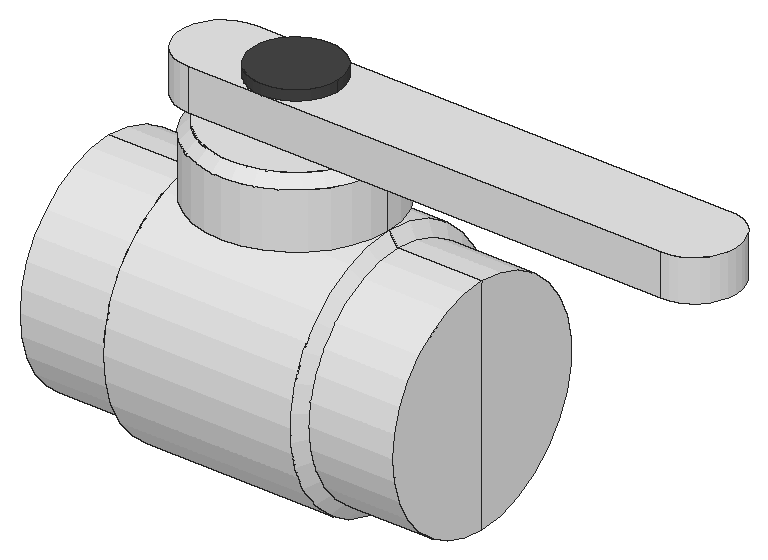
Revit family "BIMLIB_Кран_шаровой_полнопроходной_РОСТерм", category Арматура трубопроводов, Revit 2017
Family settings
  Размер круглого соединителя = Использовать диаметр
  Тип детали = Клапан - Вставляется
  На основе рабочей плоскости = Нет
  Всегда вертикально = Да
  При загрузке вырезать с полостями = Нет
  Общий = Нет
Parameters
  РТ_Материал_Гайка = BIMLIB_Черный_РОСТерм
  РТ_R [instance] = РТ_DN / 2  # 20 mm
  Описание = "Кран шаровой полнопроходной"
  Метод определения потерь = Коэффициент K
  K Coefficient = 0.2
  Изготовитель = "РОСТерм"  # constant formula
  РТ_Длина ручки [instance] = РТ_L * 1.4  # 126.7 mm
  РТ_Высота ручки [instance] = РТ_L1 - РТ_L2 * 2  # 28.5 mm
  URL = "http://rostherm.ru/"
  РТ_Lосн [instance] = РТ_L / 2  # 45.25 mm
  РТ_L2 [instance] = size_lookup("обозначение", "РТ_L2", 0 mm, РТ_DN)  # 30 mm
  РТ_L1 [instance] = size_lookup("обозначение", "РТ_L1", 0 mm, РТ_DN)  # 88.5 mm
  РТ_L [instance] = size_lookup("обозначение", "РТ_L", 0 mm, РТ_DN)  # 90.5 mm
  РТ_Dнар [instance] = if(and(РТ_DN > 19 mm, РТ_DN < 64 mm), РТ_DN * 1.35, 0 mm)  # 54 mm
  РТ_DN [instance] = 40 mm
  BL_Разработано = "support@bimlib.ru"  # constant formula
  BL_Email = "rostherm@bimlib.ru"
  BL_BIM library = "https://bimlib.pro/manufacturer/rosterm/1632/"
  ADSK_Расход жидкости [instance] = 0.0 m³/h
  ADSK_Примечание = ""
  ADSK_Позиция = ""
  ADSK_Обозначение [instance] = "ГОСТ 21345-2005"  # constant formula
  ADSK_Наименование краткое [instance] = size_lookup("Крнаим", "", "-", РТ_DN)  # "Кран шаровой d40"
  ADSK_Наименование [instance] = size_lookup("обозначение", "", "-", РТ_DN)  # "Кран шаровой полнопроходной d40"
  ADSK_Материал = BIMLIB_Белый_РОСТерм
  ADSK_Масса_Текст [instance] = ""
  ADSK_Масса [instance] = 0
  ADSK_Марка [instance] = size_lookup("артикул", "", "-", РТ_DN)  # "SHK40"
  ADSK_Код изделия [instance] = size_lookup("артикул", "", "-", РТ_DN)  # "SHK40"
  ADSK_Завод-изготовитель = "РОСТерм"  # constant formula
  ADSK_Единица измерения = "шт"  # constant formula
  РТ_A [instance] = size_lookup("обозначение", "РТ_A", 0 mm, РТ_DN)  # 20.5 mm
  ADSK_Версия Revit = "2017"
  ADSK_URL страницы изделия = "http://rostherm.ru/truby-i-fitingi-iz-polipropilena-pprt/"
  ADSK_URL документации изделия = "http://rostherm.ru/"
Reference planes
  plane 1 "По центру (Вперед/Назад)": y = 0
  plane 2: z = 0
  plane 3 "По центру (Влево/Вправо)": x = 0
  plane 4: x = -45.25
  plane 5: x = 45.25
  plane 6: z = 30
  plane 7: z = -30
  plane 8: z = 58.5
  plane 9: x = -24.75
  plane 10: x = 24.75
  plane 11: z = 20
  plane 12: z = -20
  plane 13: z = 27
  plane 14: z = -27
  plane 15: x = -22.625
  plane 16: x = 22.625
  plane 17: z = 46
  plane 18: z = 56
  plane 19: y = 10.25
  plane 20: y = -10.25
  plane 21: x = 104.075
Forms (mm)
  Revolve 1, solid, material "BIMLIB_Белый_РОСТерм" <- "ADSK_Материал", detail levels medium+fine
    sketch origin (0, 0, 0) x (1, 0, 0) y (0, 0, 1)
      loop
        line (-45.25, 0) -> (45.25, 0) -> (45.25, 27) -> (24.75, 27) -> (22.625, 30) -> (-22.625, 30) -> (-24.75, 27) -> (-45.25, 27) -> (-45.25, 0)
      axis (-45.25, 0) -> (45.25, 0)
    angle from 0 to 360
  Extrusion 2, solid, material "BIMLIB_Черный_РОСТерм" <- "РТ_Материал_Гайка", detail levels medium+fine
    sketch origin (0, 0, 0) x (1, 0, 0) y (0, 1, 0)
      loop
        circle (0, 0) r 10.25
    from 56 to 58.5
  Extrusion 3, solid, material "BIMLIB_Белый_РОСТерм" <- "ADSK_Материал", detail levels medium+fine
    sketch origin (0, 0, 0) x (1, 0, 0) y (0, 1, 0)
      loop
        arc (-17.625, 10.25) -> (-27.875, 0) -> (-17.625, -10.25) r 10.25
        line (-17.625, -10.25) -> (96.825, -10.25)
        arc (96.825, -10.25) -> (107.075, 0) -> (96.825, 10.25) r 10.25
        line (96.825, 10.25) -> (-17.625, 10.25)
    from 46 to 56
  Revolve 4, solid, material "BIMLIB_Белый_РОСТерм" <- "ADSK_Материал", detail levels medium+fine
    sketch origin (0, 0, 0) x (1, 0, 0) y (0, 0, 1)
      loop
        line (0, 30) -> (0, 46) -> (-20, 46) -> (-22.5, 43.5) -> (-22.5, 30) -> (0, 30)
      axis (0, 46) -> (0, 30)
    angle from 0 to 360
Lines and regions (mm)
  reference lines
    curve 1: line (-45.25, 0, 0) -> (45.25, 0, 0)
Dimensions and locks
  equal spacing: plane 5, plane 3 "По центру (Влево/Вправо)", plane 4
  "РТ_L": plane 5 to plane 4
  equal spacing: plane 6, level, plane 7
  "РТ_L2": level to plane 7
  "РТ_L1": plane 8 to plane 7
  equal spacing: plane 11, level, plane 12
  "РТ_DN": plane 11 to plane 12
  "РТ_A": plane 9 to plane 4
  "РТ_A": plane 5 to plane 10
  equal spacing: plane 13, level, plane 14
  "РТ_Dнар": plane 13 to plane 14
  equal spacing: plane 15, plane 3 "По центру (Влево/Вправо)", plane 16
  "РТ_Lосн": plane 15 to plane 16
  locked: plane 8 to plane 18 at 2.5
  equal spacing: plane 19, plane 1 "По центру (Вперед/Назад)", plane 20
  "РТ_A": plane 19 to plane 20
  "РТ_Длина ручки": plane 15 to plane 21
  locked: plane 18 to plane 17 at 10
  "РТ_R": Revolve 4 sketch curve to Revolve 4 sketch curve
  locked: Revolve 4 sketch curve to Revolve 4 sketch curve at 2.5
  "РТ_A": diameter of Extrusion 2 sketch curve
  aligned and locked: level to plane 2
  aligned and locked: Revolve 1 sketch curve to plane 2
  aligned and locked: Revolve 1 sketch curve to level
  aligned and locked: plane 4 to Revolve 1 sketch curve
  aligned and locked: Revolve 1 sketch curve to plane 13  (x2)
  aligned and locked: Revolve 1 sketch curve to plane 5
  aligned and locked: Revolve 1 sketch curve to plane 6
  aligned and locked: plane 9 to Revolve 1 sketch curve
  aligned and locked: plane 15 to Revolve 1 sketch curve
  aligned and locked: plane 16 to Revolve 1 sketch curve
  aligned and locked: plane 10 to Revolve 1 sketch curve
  aligned and locked: curve 1 to level
  aligned and locked: plane 4 to curve 1
  aligned and locked: plane 5 to curve 1
  aligned and locked: Extrusion 3 sketch curve to plane 20
  aligned and locked: Extrusion 3 sketch curve to plane 19
  aligned and locked: plane 18 to Extrusion 3
  aligned and locked: plane 8 to Extrusion 2
  aligned and locked: Extrusion 2 to plane 18
  aligned and locked: Extrusion 3 to plane 17
  aligned and locked: Revolve 4 sketch curve to plane 3 "По центру (Влево/Вправо)"
  aligned and locked: nested 2 to plane 5
Automatic sketch dimensions
  plane 5 to Revolve 1 sketch curve = 53.239 mm
  Revolve 1 sketch curve to Revolve 1 sketch curve = 20 mm
  Extrusion 3 sketch curve to plane 15 = 5 mm
  Extrusion 3 sketch curve to plane 21 = 7.25 mm
  plane 1 "По центру (Вперед/Назад)" to Extrusion 2 sketch curve = 0 mm
  Extrusion 2 sketch curve to plane 3 "По центру (Влево/Вправо)" = 0 mm
  Revolve 4 sketch curve to plane 3 "По центру (Влево/Вправо)" = 0 mm
  Revolve 4 sketch curve to plane 6 = 0 mm
  Revolve 4 sketch curve to plane 17 = 0 mm
  Revolve 4 sketch curve to plane 17 = 2.5 mm
  Revolve 4 sketch curve to plane 7 = 1.006 mm
  plane 8 to Revolve 4 sketch curve = 9.994 mm
Nested families
  nested 1: "УГО_Фронт" at (0, 0, 0), Длина <- "РТ_L", type "УГО_Фронт", detail levels coarse
    with Длина 90.5 mm
  nested 2: "УГО" at (0, 0, 0), Длина <- "РТ_L", type "УГО", detail levels coarse
    with Длина 90.5 mm
Connectors
  piping at (45.25, 0, 0), diameter 40, driven by "РТ_DN"
    settings: on curve 1, index 1, connector inside diameter 609.6 mm, connector length 0 mm, flow factor 0, pipe flow 0.0 m³/h, pressure drop 0.0 Pa, fitting loss kfactor 0, connector angle 0.00°, fixture units 0, engagement length 0 mm, angle of deflection 0.00°, flow configuration 0, flow direction 0, fitting loss method 4, system type 28, joint type 0, gender type 0, connector reference index 2, connector utility 0, adjustable connector yes, is connector primary yes, connector description ""
  piping at (-45.25, 0, 0), diameter 40, driven by "РТ_DN"
    settings: on curve 1, index 2, connector inside diameter 609.6 mm, connector length 0 mm, flow factor 0, pipe flow 0.0 m³/h, pressure drop 0.0 Pa, fitting loss kfactor 0, connector angle 0.00°, fixture units 0, engagement length 0 mm, angle of deflection 0.00°, flow configuration 0, flow direction 0, fitting loss method 4, system type 28, joint type 0, gender type 0, connector reference index 1, connector utility 0, adjustable connector yes, is connector primary no, connector description ""
Definition of nested family "УГО_Фронт"
  Parameters (values of type "УГО_Фронт")
    Loss Method = (empty or 0)
    Длина [instance] = 100 mm
  Reference planes
    plane 1 "Centro (Fronte/Retro)": y = 0
    plane 2: z = 0
    plane 3 "Centro (Sinistra/Destra)": x = 0
    plane 4: through (4267.2, 0, 0) normal (0, -0.7071, 0.7071)
    plane 5: x = 50
    plane 6: x = -50
  Lines and regions (mm)
    model lines, detail levels coarse
      curve 1: line (50, 0, -30) -> (50, 0, 30)
      curve 2: line (-50, 0, -30) -> (-50, 0, 30)
      curve 3: line (50, 0, 30) -> (-50, 0, -30)
      curve 4: line (-50, 0, 30) -> (50, 0, -30)
  Dimensions and locks
    equal spacing: plane 5, plane 3 "Centro (Sinistra/Destra)", plane 6
    "Длина": plane 5 to plane 6
    aligned and locked: level to plane 2
  Automatic sketch dimensions
    curve 3 to plane 6 = 0 mm
    curve 3 to plane 5 = 0 mm
    level to curve 1 = 30 mm
    curve 3 to level = 30 mm
    curve 4 to level = 30 mm
    level to curve 2 = 30 mm
Definition of nested family "УГО"
  Parameters (values of type "УГО")
    Loss Method = (empty or 0)
    Длина [instance] = 100 mm
  Reference planes
    plane 1 "Centro (Fronte/Retro)": y = 0
    plane 2: z = 0
    plane 3 "Centro (Sinistra/Destra)": x = 0
    plane 4: through (4267.2, 0, 0) normal (0, -0.7071, 0.7071)
    plane 5: x = 50
    plane 6: x = -50
  Lines and regions (mm)
    symbolic lines
      curve 1: line (-50, -40, 0) -> (50, 40, 0)
      curve 2: line (50, -40, 0) -> (-50, 40, 0)
      curve 3: line (50, 40, 0) -> (50, -40, 0)
      curve 4: line (-50, 40, 0) -> (-50, -40, 0)
  Dimensions and locks
    equal spacing: plane 5, plane 3 "Centro (Sinistra/Destra)", plane 6
    "Длина": plane 5 to plane 6
    aligned and locked: level to plane 2
    aligned and locked: curve 3 to plane 5
    aligned and locked: curve 4 to plane 6
  Automatic sketch dimensions
    plane 1 "Centro (Fronte/Retro)" to curve 3 = 40 mm
    plane 1 "Centro (Fronte/Retro)" to curve 4 = 40 mm
    curve 4 to plane 1 "Centro (Fronte/Retro)" = 40 mm
    curve 1 to plane 1 "Centro (Fronte/Retro)" = 40 mm
